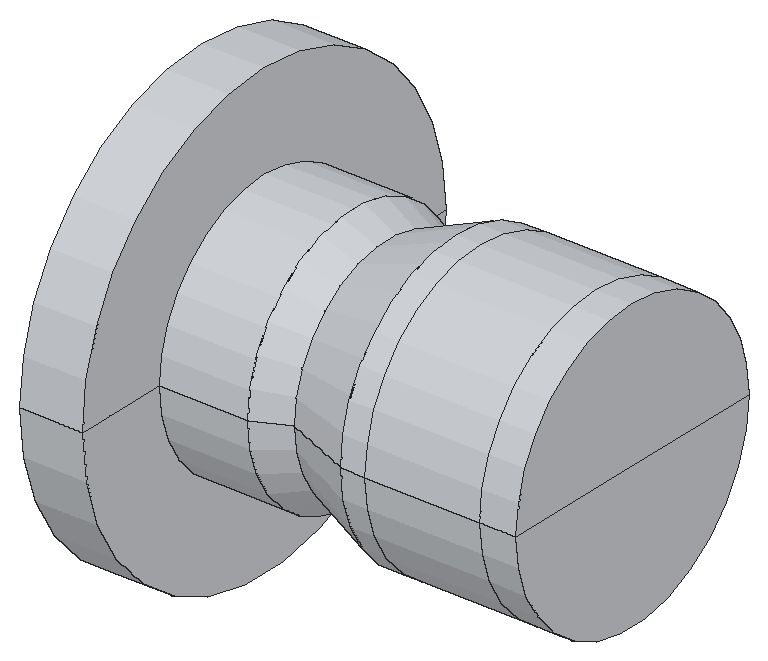
Revit family "4b1d1f8a303c4b92913eea21308bd5ca", category Pipe Fittings, Revit 2021
Family settings
  Round Connector Dimension = Use Radius
  Part Type = Transition
  OmniClass Number = 23.60.30.11.14
  OmniClass Title = Pipework Fittings
  Work Plane-Based = No
  Always vertical = Yes
  Cut with Voids When Loaded = No
  Shared = No
Parameters (values of type "Standard")
  Visibility 2 [instance] = Nominal Diameter 2 > Nominal Diameter 1  # yes
  Visibility 1 [instance] = Nominal Diameter 1 > Nominal Diameter 2  # no
  URL = ""
  Type Comments = ""
  Tick Size 2 [instance] = if(Nominal Diameter 1 > Nominal Diameter 2, Min Tick Size 12, Max Tick Size 12)  # 1.9200"
  Tick Size 1 [instance] = if(Nominal Diameter 1 > Nominal Diameter 2, Max Tick Size 12, Min Tick Size 12)  # 1.5280"
  Min Tick Size 12 [instance] = Min Fitting Outside Diameter 12 * 0.4  # 1.5280"
  Max Tick Size 12 [instance] = Max Fitting Outside Diameter 12 * 0.4  # 1.9200"
  Socket Outside Radius 2 [instance] = Socket Outside Diameter 2 / 2  # 2.4000"
  Socket Outside Radius 1 [instance] = Socket Outside Diameter 1 / 2  # 2.1800"
  Socket Outside Diameter 2 [instance] = if(Nominal Diameter 1 > Nominal Diameter 2, Min Socket Outside Diameter 12, Fitting Outside Diameter 2)  # 4.8000"
  Socket Outside Diameter 1 [instance] = if(Nominal Diameter 1 > Nominal Diameter 2, Fitting Outside Diameter 1, Min Socket Outside Diameter 12)  # 4.3600"
  Socket Depth 2 [instance] = if(Nominal Diameter 2 < 14.0000", 2.5000", if(Nominal Diameter 2 < 30.0000", 3.5000", 4.0000"))  # 2.5000"
  Socket Depth 1 [instance] = if(Nominal Diameter 1 < 14.0000", 2.5000", if(Nominal Diameter 1 < 30.0000", 3.5000", 4.0000"))  # 2.5000"
  Min Socket Outside Diameter 12 [instance] = size_lookup(Lookup Table Name, "SOD", 1.08 * Min Nominal Diameter 12 + 1.1200", Min Nominal Diameter 12)  # 4.3600"
  Max Socket Outside Diameter 12 [instance] = size_lookup(Lookup Table Name, "SOD", 1.08 * Max Nominal Diameter 12 + 1.1200", Max Nominal Diameter 12)  # 5.1900"
  Nominal Radius 2 [instance] = 2.0000"
  Nominal Radius 1 [instance] = 1.5000"
  Nominal Diameter 2 [instance] = Nominal Radius 2 * 2  # 4.0000"
  Nominal Diameter 1 [instance] = Nominal Radius 1 * 2  # 3.0000"
  Min Nominal Diameter 12 [instance] = if(Nominal Diameter 1 > Nominal Diameter 2, Nominal Diameter 2, Nominal Diameter 1)  # 3.0000"
  Max Nominal Diameter 12 [instance] = if(Nominal Diameter 1 > Nominal Diameter 2, Nominal Diameter 1, Nominal Diameter 2)  # 4.0000"
  Manufacturer = ""
  Loss Method = K Coefficient from Table
  Lookup Table Name = "Reducer Compact - PE x MJ - DI - Class 350"
  Length [instance] = if(Nominal Diameter 1 = Nominal Diameter 2, 6.0000", size_lookup(Lookup Table Name, "Lgt", 1.9900" + 1.0763 * Max Nominal Diameter 12 - 0.9255 * Min Nominal Diameter 12, Max Nominal Diameter 12, Min Nominal Diameter 12))  # 4.6200"
  K Coefficient Table = "Reducer/Coupling/Union/Increaser"
  Fitting Outside Radius 2 [instance] = Fitting Outside Diameter 2 / 2  # 2.4000"
  Fitting Outside Radius 1 [instance] = Fitting Outside Diameter 1 / 2  # 1.9100"
  Min Fitting Outside Diameter 12 [instance] = size_lookup(Lookup Table Name, "FOD", 1.04 * Min Nominal Diameter 12 + 0.7000", Min Nominal Diameter 12)  # 3.8200"
  Max Fitting Outside Diameter 12 [instance] = size_lookup(Lookup Table Name, "FOD", 1.04 * Max Nominal Diameter 12 + 0.7000", Max Nominal Diameter 12)  # 4.8000"
  built-in parameter 1114238 [instance] = (empty or 0)
  Fitting Outside Diameter 2 [instance] = if(Nominal Diameter 1 > Nominal Diameter 2, Min Fitting Outside Diameter 12, Max Fitting Outside Diameter 12)  # 4.8000"
  Fitting Outside Diameter 1 [instance] = if(Nominal Diameter 1 > Nominal Diameter 2, Max Fitting Outside Diameter 12, Min Fitting Outside Diameter 12)  # 3.8200"
  Description = ""
  Default Elevation = 0.0000"
  Bevel Length 2 [instance] = size_lookup(Lookup Table Name, "BvLgt", 0.04 * Nominal Diameter 2 + 0.4300", Nominal Diameter 2)  # 0.3900"
  Bevel Length 1 [instance] = size_lookup(Lookup Table Name, "BvLgt", 0.04 * Nominal Diameter 1 + 0.4300", Nominal Diameter 1)  # 0.5500"
  Gland Width 2 [instance] = size_lookup(Lookup Table Name, "GWid", 0.03 * Nominal Diameter 2 + 0.9400", Nominal Diameter 2)  # 0.6000"
  Gland Width 1 [instance] = size_lookup(Lookup Table Name, "GWid", 0.03 * Nominal Diameter 1 + 0.9400", Nominal Diameter 1)  # 1.0300"
  Gland Outside Radius 1 [instance] = Gland Outside Diameter 1 / 2  # 3.7550"
  Gland Outside Radius 2 [instance] = Gland Outside Diameter 2 / 2  # 2.4000"
  Max Gland Outside Diameter 12 [instance] = size_lookup(Lookup Table Name, "GOD", 1.16 * Max Nominal Diameter 12 + 4.0300", Max Nominal Diameter 12)  # 9.0600"
  Min Gland Outside Diameter 12 [instance] = size_lookup(Lookup Table Name, "GOD", 1.16 * Min Nominal Diameter 12 + 4.0300", Min Nominal Diameter 12)  # 7.5100"
  Gland Outside Diameter 2 [instance] = if(Nominal Diameter 1 > Nominal Diameter 2, Min Gland Outside Diameter 12, Fitting Outside Diameter 2)  # 4.8000"
  Gland Outside Diameter 1 [instance] = if(Nominal Diameter 1 > Nominal Diameter 2, Fitting Outside Diameter 1, Min Gland Outside Diameter 12)  # 7.5100"
  Assembly Code = ""
Reference planes (in)
  plane 1 "Center (Front/Back)": y = 0
  plane 2: z = 0
  plane 3 "Center (Left/Right)": x = 0
  plane 4 "Right": x = 7.12
  plane 5 "TK1 Top": y = 1.528
  plane 6 "TK1 Bottom": y = -1.528
  plane 7 "TK2 Top": y = 1.92
  plane 8 "TK2 Bottom": y = -1.92
  plane 9: y = 3.755
  plane 10: y = 2.18
  plane 11: x = 2.5
  plane 12: x = 3.05
  plane 13: y = 1.91
  plane 14 "SD2R": x = 4.62
  plane 15: x = 1.03
  plane 16: x = 6.52
  plane 17: x = 4.23
  plane 18: y = 2.4
  plane 19: y = 2.4
  plane 20: y = 2.4
Forms (in)
  Extrusion 1, solid, not visible
    sketch origin (0, 0, 0) x (0, 1, 0) y (0, 0, 1)
      loop
        circle (0, 0) r 1
    from 0 to 7.12
  Revolve 2, solid, detail levels fine
    sketch origin (0, 0, 0) x (1, 0, 0) y (0, 1, 0)
      loop
        line (1.03, 2.18) -> (1.03, 0) -> (6.52, 0) -> (6.52, 2.4) -> (4.62, 2.4) -> (4.21257, 2.4) -> (3.05, 1.91) -> (2.5, 2.18) -> (1.03, 2.18)
      axis (1.03, 0) -> (6.52, 0)
    angle from 0 to 360
  Revolve 3, solid, detail levels fine
    sketch origin (0, 0, 0) x (1, 0, 0) y (0, 1, 0)
      loop
        line (0, 0) -> (1.03, 0) -> (1.03, 3.755) -> (0, 3.755) -> (0, 0)
      loop
        line (7.12, 0) -> (7.12, 2.4) -> (6.52, 2.4) -> (6.52, 0) -> (7.12, 0)
      axis (0, 0) -> (7.12, 0)
    angle from 0 to 360
Cuts and joins
  joined: Revolve 2, Revolve 3
Lines and regions (in)
  model lines, detail levels coarse+medium
    curve 1: line (0, 0, 0) -> (0, 1.528, 0)
    curve 2: line (0, -1.528, 0) -> (0, 0, 0)
    curve 3: line (7.12, 0, 0) -> (7.12, 1.92, 0)
    curve 4: line (7.12, 0, 0) -> (7.12, -1.92, 0)
  model lines, style "PipeFitting", visible <- "Visibility 1", detail levels coarse+medium
    curve 5: line (0, 1.528, 0) -> (7.12, 0, 0)
    curve 6: line (0, -1.528, 0) -> (7.12, 0, 0)
  model lines, style "PipeFitting", visible <- "Visibility 2", detail levels coarse+medium
    curve 7: line (7.12, 1.92, 0) -> (0, 0, 0)
    curve 8: line (0, 0, 0) -> (7.12, -1.92, 0)
Dimensions and locks (in)
  "Tick Size 1": plane 5 "TK1 Top" to plane 1 "Center (Front/Back)"
  "Tick Size 1": plane 6 "TK1 Bottom" to plane 1 "Center (Front/Back)"
  "Tick Size 2": plane 7 "TK2 Top" to plane 1 "Center (Front/Back)"
  "Tick Size 2": plane 8 "TK2 Bottom" to plane 1 "Center (Front/Back)"
  "Gland Outside Radius 1": plane 9 to plane 1 "Center (Front/Back)"
  "Socket Outside Radius 1": plane 1 "Center (Front/Back)" to plane 10
  "Fitting Outside Radius 1": plane 13 to plane 1 "Center (Front/Back)"
  "Socket Depth 2": plane 14 "SD2R" to plane 4 "Right"
  "Socket Depth 1": plane 3 "Center (Left/Right)" to plane 11
  "Gland Width 1": plane 3 "Center (Left/Right)" to plane 15
  "Gland Width 2": plane 16 to plane 4 "Right"
  "Bevel Length 1": plane 11 to plane 12
  "Bevel Length 2": plane 17 to plane 14 "SD2R"
  "Fitting Outside Radius 2": plane 18 to plane 1 "Center (Front/Back)"
  "Socket Outside Radius 2": plane 19 to plane 1 "Center (Front/Back)"
  "Gland Outside Radius 2": plane 20 to plane 1 "Center (Front/Back)"
  "Length": plane 11 to plane 4 "Right"
  radius of Extrusion 1 sketch curve = 1.0000"
  aligned and locked: plane 2 to level
  aligned and locked: plane 2 to Extrusion 1 sketch curve
  aligned and locked: plane 1 "Center (Front/Back)" to Extrusion 1 sketch curve
  aligned and locked: Extrusion 1 to plane 3 "Center (Left/Right)"
  aligned and locked: plane 4 "Right" to Extrusion 1
  aligned and locked: plane 1 "Center (Front/Back)" to curve 2
  aligned and locked: plane 3 "Center (Left/Right)" to curve 1
  aligned and locked: plane 3 "Center (Left/Right)" to curve 2
  aligned and locked: plane 5 "TK1 Top" to curve 1
  aligned and locked: plane 6 "TK1 Bottom" to curve 2
  aligned and locked: plane 7 "TK2 Top" to curve 3
  aligned and locked: curve 4 to plane 4 "Right"
  aligned and locked: plane 1 "Center (Front/Back)" to Revolve 2 sketch curve
  aligned and locked: Revolve 2 sketch curve to plane 10
  aligned and locked: plane 11 to Revolve 2 sketch curve
  aligned and locked: plane 19 to Revolve 2 sketch curve
  aligned and locked: Revolve 2 sketch curve to Revolve 2 sketch curve
  aligned and locked: Revolve 3 sketch curve to plane 15
  aligned and locked: Revolve 3 sketch curve to plane 9
  aligned and locked: plane 20 to Revolve 3 sketch curve
  aligned and locked: plane 16 to Revolve 3 sketch curve
  aligned and locked: plane 4 "Right" to Revolve 3 sketch curve
  aligned and locked: Revolve 3 sketch curve to Revolve 3 sketch curve  (x2)
  aligned and locked: plane 3 "Center (Left/Right)" to Revolve 3 sketch curve
  aligned and locked: plane 15 to Revolve 2 sketch curve
  aligned and locked: plane 16 to Revolve 2 sketch curve
  aligned and locked: plane 12 to Revolve 2 sketch curve
  aligned and locked: plane 13 to Revolve 2 sketch curve
Automatic sketch dimensions
  plane 8 "TK2 Bottom" to curve 8 = 0.0000"
  plane 1 "Center (Front/Back)" to curve 4 = 0.0000"
  plane 1 "Center (Front/Back)" to Revolve 3 sketch curve = 0.0000"
  Revolve 3 sketch curve to plane 3 "Center (Left/Right)" = 9.7500"
  Revolve 3 sketch curve to Revolve 3 sketch curve = 7.2500"
  Revolve 2 sketch curve to plane 14 "SD2R" = 0.0000"
  Revolve 2 sketch curve to plane 3 "Center (Left/Right)" = 9.7500"
  plane 4 "Right" to Revolve 2 sketch curve = 7.1900"
  Revolve 2 sketch curve to plane 18 = 0.0000"
  plane 17 to Revolve 2 sketch curve = 0.01743"
Connectors (in)
  piping at (0, 0, 0), diameter 3, driven by "Nominal Radius 1"
    settings: on Extrusion 1, index 1, connector inside diameter 4.0000", connector length 0.0000", flow factor 0, pipe flow 0 GPM, pressure drop 0.00 psi, fitting loss kfactor 0, connector angle 0.00°, fixture units 0, engagement length 0.0000", angle of deflection 0.00°, flow configuration 0, flow direction 0, fitting loss method 0, system type 28, joint type 0, gender type 0, connector reference index 2, connector utility 0, adjustable connector no, is connector primary yes, connector description ""
  piping at (7.12, 0, 0), diameter 4, driven by "Nominal Radius 2"
    settings: on Extrusion 1, index 2, connector inside diameter 3.0000", connector length 0.0000", flow factor 0, pipe flow 0 GPM, pressure drop 0.00 psi, fitting loss kfactor 0, connector angle 0.00°, fixture units 0, engagement length 0.0000", angle of deflection 0.00°, flow configuration 0, flow direction 0, fitting loss method 0, system type 28, joint type 0, gender type 0, connector reference index 1, connector utility 0, adjustable connector no, is connector primary no, connector description ""
